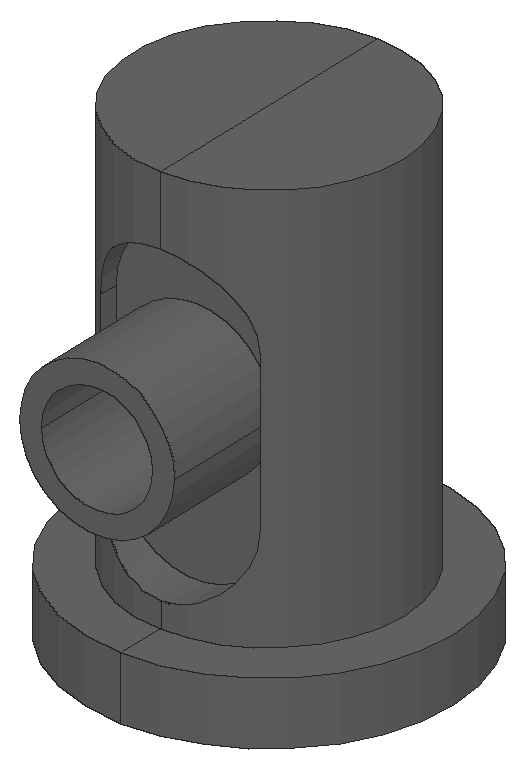
Revit family "Grohe_ShowerOutletElbow_Rainshower_22118KF0", category Plumbing Fixtures, host Face, Revit 2020
Family settings
  Host = Face
  Round Connector Dimension = Use Diameter
  Part Type = Normal
  OmniClass Number = 23.45.05.00
  OmniClass Title = Sanitary Equipment
  Cut with Voids When Loaded = No
  Shared = No
  Room Calculation Point = No
Parameters (values of type "RAINSHOWER Shower Outlet Elbow (22118KF0)")
  _ObjectUserGuide = "https://www.bimstore.co/products/grohe-22118KF0/document/object-user-guide"
  _DistributedBy = "https://www.bimstore.co/"
  _CurrentRevision = 1
  _CreatedBy = "https://www.bimstore.co/"
  _BimSpecGuid = 0
  _BSBibleVersion = 17
  _AuthorizedBy = "bimstore"
  _Author = "AM 147"
  Waste Connection = no
  WarrantyStartDate [instance] = "Please Record On Commissioning."
  WarrantyGuarantorParts = "info-uk@grohe.com"
  WarrantyGuarantorLabor = "info-uk@grohe.com"
  WarrantyDurationUnit = "Years"
  WarrantyDurationParts = "0"
  WarrantyDurationLabor = "0"
  WarrantyDescription = "n/a"
  Vent Connection = no
  URL = "https://www.grohe.co.uk/"
  TypeName = "RAINSHOWER Shower Outlet Elbow"
  Type Comments = "RAINSHOWER Shower Outlet Elbow"
  TPIDocumentLink = "https://cdn.cloud.grohe.com/tpi/100000/100000/100000/100100/100100/100102/100102555/original/100102555.pdf"
  SustainabilityReport = "green.grohe.com/reporting"
  SustainabilityAward = "green.grohe.com/awards"
  SpareParts = "info-uk@grohe.com"
  Size = "n/a"
  Shape = "n/a"
  SerialNumber [instance] = "Please Record On Commissioning."
  ReplacementCost = "n/a"
  ReferencedStandard = "n/a"
  ProductionYear = "2023"
  ProductType = "Shower Rail and Union"
  ProductShortText = "Rainshower Shower outlet elbow, 1/2\""
  ProductPageURL = "https://www.grohe.co.uk/en_gb/-22118KF0.html"
  ProductNumber = "22118KF0"
  ProductDescription = "male thread\r\n\r\nwith round escutcheon\r\n\r\nprotected against backflow\r\n\r\nGROHE Long-Life Shine finish"
  PrimaryMaterial = Grohe_MattBlack
  PQDiagramLink = "n/a"
  NominalLength = 0.0 mm
  NominalHeight = 0.0 mm
  NominalDepth = 0.0 mm
  NBSReference = "45-35-70/330"
  NBSOfficeMasterTag = "n/a"
  NBSObjectName = "Grohe - Shower fittings package"
  NBSNote = "n/a"
  NBSDescription = "Shower fittings package"
  ModelReference = "RAINSHOWER Shower Outlet Elbow"
  ModelNumber = "22118KF0"
  Model = "RAINSHOWER Shower Outlet Elbow"
  Material = "n/a"
  ManufacturerName = "Grohe"
  Manufacturer = "Grohe"
  Keynote = "N13"
  InstallationDate [instance] = "Please Record On Commissioning."
  IfcExportType = "IfcPipeFittingType"
  IfcExportAs = "IfcPipeFitting"
  HW Connection = yes
  Grade = "n/a"
  GROHESustainability = "green.grohe.com"
  GROHESocialCommittment = "green.grohe.com/social_engagement"
  FullRecyclabilityOfPlastic = "All plastic components are fully recyclable"
  Finish = "n/a"
  Features = "n/a"
  ExpectedLife = 0
  Ecojoy = no
  EF025385 = "50"
  EF023686 = "not applicable"
  EF023661 = "FALSE"
  EF023660 = "TRUE"
  EF023452 = "1/2 inch"
  EF022726 = "External thread"
  EF021720 = "TRUE"
  EF021480 = "TRUE"
  EF006485 = "FALSE"
  EF002671 = "Other"
  EF002594 = "FALSE"
  EF001438 = 64.0 mm
  EF000010 = "Wall mounting"
  DurationUnit = "Years"
  DocumentationTechnical = "https://www.bimstore.co/products/grohe-22118KF0/document/technical-data-sheet"
  DocumentationMaintenance = "https://www.bimstore.co/products/grohe-22118KF0/document/maintenance-information"
  DocumentationLiterature = "https://www.bimstore.co/products/grohe-22118KF0/document/product-literature"
  DocumentationInstallationGuide = "https://www.bimstore.co/products/grohe-22118KF0/document/installation-guide"
  DocumentationCertificates = "https://www.bimstore.co/products/grohe-22118KF0/document/product-certificates"
  DimensionsDocumentLink = "https://cdn.cloud.grohe.com/dimdraw/1000/1300/1390/1399/1399548/1280/1399548.jpg"
  Description = "RAINSHOWER Shower Outlet Elbow"
  Default Elevation = 0.0 mm
  CreatedOn = "2023-03-01T09:00:00"
  CreatedBy = "info-uk@grohe.com"
  CradleToCradleCertification = "n/a"
  Cost = 0
  Constituents = "n/a"
  Color = "Matt Black"
  CodePerformance = "n/a"
  ClassificationValue = "Pr_40_20_87_75"
  ClassificationName = "Uniclass2015"
  CW Connection = yes
  CO2NeutralProduction = "GROHE is one of the first leading manufacturer within the sanitary industry having a CO2-neutral production."
  BarCode [instance] = "Please Record On Commissioning."
  BIMObjectName = "Grohe_ShowerOutletElbow_Rainshower_22118KF0"
  AssetType = "Fixed"
  AssetIdentifier [instance] = "n/a"
  Assembly Code = "D2010"
  AccessibilityPerformance = "n/a"
Reference planes
  plane 1 "Center (Front/Back)": y = 0
  plane 2: z = 0
  plane 3 "Center (Left/Right)": x = 0
Forms (mm)
  Revolve 1, solid, material "Grohe_MattBlack" <- "PrimaryMaterial"
    sketch origin (0, 0, 0) x (0, 1, 0) y (0, 0, 1)
      loop
        line (25, 0) -> (25, 8.518) -> (18.365, 8.518) -> (18.365, 63.954) -> (0, 63.954) -> (0, 0) -> (25, 0)
      axis (0, 0) -> (0, 63.954)
    angle from 0 to 360
  Extrusion 2, void
    sketch origin (0, 0, 0) x (1, 0, 0) y (0, 0, 1)
      loop
        line (-10.833, 43.768) -> (-10.833, 22.768)
        arc (-10.833, 22.768) -> (0.001, 11.934) -> (10.835, 22.768) r 10.834
        line (10.835, 22.768) -> (10.835, 43.768)
        arc (10.835, 43.768) -> (0.001, 54.602) -> (-10.833, 43.768) r 10.834
    from 12.425 to 27.099
  Extrusion 3, solid, material "Grohe_MattBlack" <- "PrimaryMaterial"
    sketch origin (0, 0, 0) x (1, 0, 0) y (0, 0, 1)
      loop
        circle (0, 35) r 10.478
      loop
        circle (0, 35) r 7.5
    from 0 to 29
Cuts and joins
  Extrusion 2 cuts Revolve 1
  joined: Revolve 1, Extrusion 3
Dimensions and locks
  aligned and locked: plane 2 to host face
  aligned and locked: level to host face
Connectors
  piping at (0, -29, 35), diameter 15
    settings: on cut or joined group of Revolve 1, Extrusion 2, Extrusion 3, index 1, connector inside diameter 609.6 mm, connector length 0.0 mm, flow factor 0, pipe flow 0.0 L/s, pressure drop 0.0 Pa, fitting loss kfactor 0, connector angle 0.00°, fixture units 0, engagement length 0.0 mm, angle of deflection 0.00°, flow configuration 0, flow direction 2, fitting loss method 0, system type 29, joint type 0, gender type 0, connector reference index 2, connector utility 0, adjustable connector no, is connector primary yes, connector description ""
  piping at (0, 0, 0), diameter 15
    settings: on cut or joined group of Revolve 1, Extrusion 2, Extrusion 3, index 2, connector inside diameter 609.6 mm, connector length 0.0 mm, flow factor 0, pipe flow 0.0 L/s, pressure drop 0.0 Pa, fitting loss kfactor 0, connector angle 0.00°, fixture units 0, engagement length 0.0 mm, angle of deflection 0.00°, flow configuration 0, flow direction 1, fitting loss method 0, system type 29, joint type 0, gender type 0, connector reference index 1, connector utility 0, adjustable connector no, is connector primary no, connector description ""
